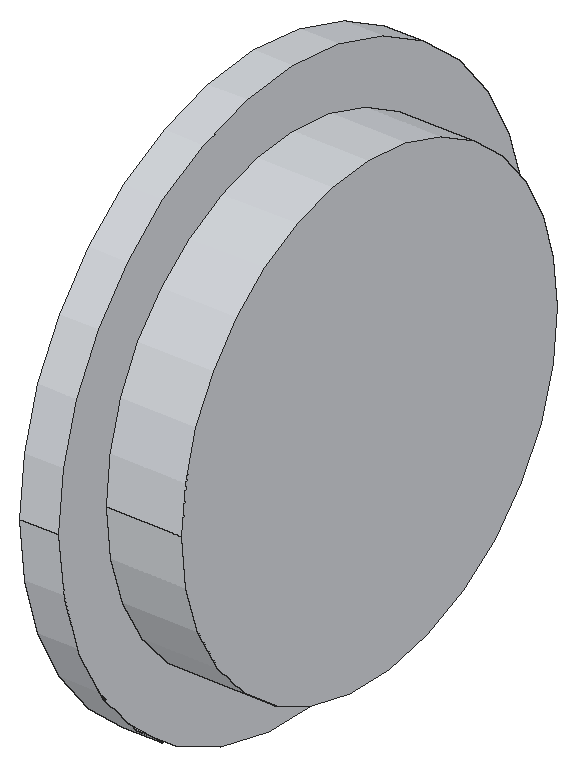
Revit family "974bf4436a974b0b802b1914047683c2", category Pipe Fittings, Revit 2021
Family settings
  Round Connector Dimension = Use Radius
  Part Type = Cap
  OmniClass Number = 23.60.30.11.14
  OmniClass Title = Pipework Fittings
  Seek Item ID = Cap - PVC - Sch 40-0000-USA-ENU
  Work Plane-Based = No
  Always vertical = Yes
  Cut with Voids When Loaded = No
  Shared = No
Parameters (values of type "Standard")
  Nominal Radius [instance] = 7.0000"
  Nominal Diameter [instance] = Nominal Radius * 2  # 14.0000"
  Loss Method = Not Defined
  Socket Outside Radius [instance] = Socket Outside Diameter / 2  # 8.12055"
  Socket Outside Diameter [instance] = size_lookup(Lookup Table Name, "SOD", 1.08 * Nominal Diameter + 1.12109", Nominal Diameter)  # 16.24109"
  Lookup Table Name = "Cap Flat Compact - MJ - DI - Class 250"
  Length Not Found [instance] = if(Nominal Diameter < 14.0000", 2.8500", if(Nominal Diameter < 30.0000", 4.0000", 4.5000"))  # 4.0000"
  Length [instance] = size_lookup(Lookup Table Name, "Lgt", Length Not Found, Nominal Diameter)  # 4.0000"
  Gland Width [instance] = size_lookup(Lookup Table Name, "GWid", 0.03 * Nominal Diameter + 0.9400", Nominal Diameter)  # 1.3600"
  Gland Outside Radius [instance] = Gland Outside Diameter / 2  # 10.1350"
  Gland Outside Diameter [instance] = size_lookup(Lookup Table Name, "GOD", 1.16 * Nominal Diameter + 4.0300", Nominal Diameter)  # 20.2700"
  Default Elevation = 0.0000"
Reference planes (in)
  plane 1 "Center (Front/Back)": y = 0
  plane 2: z = 0
  plane 3 "Center (Left/Right)": x = 0
  plane 4: x = 4
  plane 5: y = 8.12055
  plane 6: y = -8.12055
  plane 7: x = 1.36
Forms (in)
  Extrusion 1, solid, detail levels fine
    sketch origin (0, 0, 0) x (0, 1, 0) y (0, 0, 1)
      loop
        circle (0, 0) r 10.135
    from 0 to 1.36
  Extrusion 2, solid, detail levels fine
    sketch origin (0, 0, 0) x (0, 1, 0) y (0, 0, 1)
      loop
        circle (0, 0) r 8.12055
    from 1.36 to 4
Cuts and joins
  joined: Extrusion 1, Extrusion 2
Lines and regions (in)
  model lines, detail levels coarse+medium
    curve 1: line (0, 8.12055, 0) -> (4, 8.12055, 0)
    curve 2: line (4, 8.12055, 0) -> (4, -8.12055, 0)
    curve 3: line (4, -8.12055, 0) -> (0, -8.12055, 0)
Dimensions and locks (in)
  "Socket Outside Radius": plane 1 "Center (Front/Back)" to plane 5
  "Socket Outside Radius": plane 6 to plane 1 "Center (Front/Back)"
  "Gland Width": plane 3 "Center (Left/Right)" to plane 7
  "Length": plane 3 "Center (Left/Right)" to plane 4
  "Gland Outside Radius": radius of Extrusion 1 sketch curve
  "Socket Outside Radius": radius of Extrusion 2 sketch curve
  aligned and locked: curve 2 to plane 4
  aligned and locked: plane 3 "Center (Left/Right)" to curve 1
  aligned and locked: plane 3 "Center (Left/Right)" to curve 3
  aligned and locked: curve 1 to plane 5
  aligned and locked: curve 3 to plane 6
  aligned and locked: plane 1 "Center (Front/Back)" to Extrusion 1 sketch curve
  aligned and locked: plane 2 to Extrusion 1 sketch curve
  aligned and locked: Extrusion 1 to plane 3 "Center (Left/Right)"
  aligned and locked: Extrusion 1 to plane 7
  aligned and locked: Extrusion 2 to plane 7
  aligned and locked: plane 4 to Extrusion 2
  aligned and locked: plane 2 to Extrusion 2 sketch curve
  aligned and locked: plane 1 "Center (Front/Back)" to Extrusion 2 sketch curve
Connectors (in)
  piping at (0, 0, 0), diameter 14, driven by "Nominal Radius"
    settings: on Extrusion 1, index 1, connector inside diameter 14.0000", connector length 0.0000", flow factor 0, pipe flow 0 GPM, pressure drop 0.00 psi, fitting loss kfactor 0, connector angle 0.00°, fixture units 0, engagement length 0.0000", angle of deflection 0.00°, flow configuration 0, flow direction 0, fitting loss method 0, system type 28, joint type 0, gender type 0, connector reference index -1, connector utility 0, adjustable connector no, is connector primary yes, connector description ""
